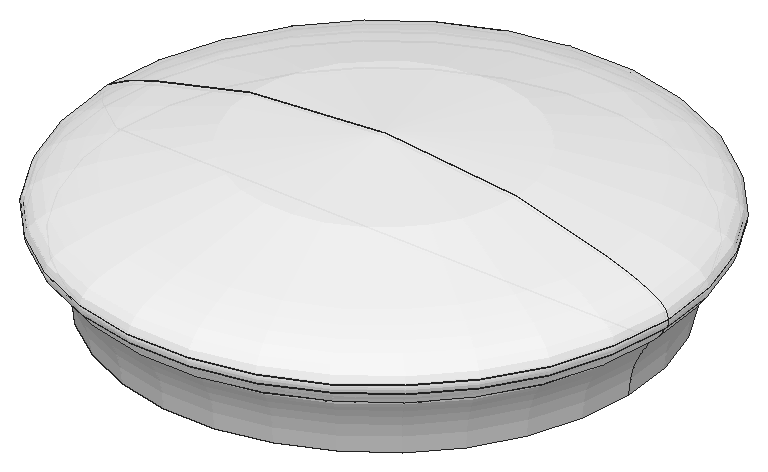
Revit family "0043410", category Lighting Devices, host Face, Revit 2023 (continued)
Definition of nested family "0043410_4000K_26W_lightsource"
  Parameters (values of type "START SURFACE IP54 MW 2500-4000 830/840 lightsource")
    built-in parameter 1150142 = "IESNA:LM-63-2002\r\n[TEST] 20231016003M-01\r\n[TESTLAB] \r\n[TESTDATE] 16 Oct 2023\r\n[ISSUEDATE] 16 Oct 2023\r\n[MANUFAC] SYLVANIA\r\n[LUMCAT] 0043409\r\n[LUMINAIRE] START Surface IP44 Multip 4000lm 830 840-3000K 4µµ\r\n[FLASHAREA] 0.030401\r\n[LAMPCAT] LED\r\n[LAMP] LED\r\nTILT=NONE\r\n1 2350.00 1.0 181 4 1 2 -0.400 -0.400 0.000\r\n1.00 1.00 21.00\r\n0.00 1.00 2.00 3.00 4.00 5.00 6.00 7.00 8.00 9.00 10.00 \r\n11.00 12.00 13.00 14.00 15.00 16.00 17.00 18.00 19.00 \r\n20.00 21.00 22.00 23.00 24.00 25.00 26.00 27.00 28.00 \r\n29.00 30.00 31.00 32.00 33.00 34.00 35.00 36.00 37.00 \r\n38.00 39.00 40.00 41.00 42.00 43.00 44.00 45.00 46.00 \r\n47.00 48.00 49.00 50.00 51.00 52.00 53.00 54.00 55.00 \r\n56.00 57.00 58.00 59.00 60.00 61.00 62.00 63.00 64.00 \r\n65.00 66.00 67.00 68.00 69.00 70.00 71.00 72.00 73.00 \r\n74.00 75.00 76.00 77.00 78.00 79.00 80.00 81.00 82.00 \r\n83.00 84.00 85.00 86.00 87.00 88.00 89.00 90.00 91.00 \r\n92.00 93.00 94.00 95.00 96.00 97.00 98.00 99.00 100.00 \r\n101.00 102.00 103.00 104.00 105.00 106.00 107.00 108.00 \r\n109.00 110.00 111.00 112.00 113.00 114.00 115.00 116.00 \r\n117.00 118.00 119.00 120.00 121.00 122.00 123.00 124.00 \r\n125.00 126.00 127.00 128.00 129.00 130.00 131.00 132.00 \r\n133.00 134.00 135.00 136.00 137.00 138.00 139.00 140.00 \r\n141.00 142.00 143.00 144.00 145.00 146.00 147.00 148.00 \r\n149.00 150.00 151.00 152.00 153.00 154.00 155.00 156.00 \r\n157.00 158.00 159.00 160.00 161.00 162.00 163.00 164.00 \r\n165.00 166.00 167.00 168.00 169.00 170.00 171.00 172.00 \r\n173.00 174.00 175.00 176.00 177.00 178.00 179.00 180.00 \r\n0.00 30.00 60.00 90.00 \r\n562.12 561.65 561.65 561.65 560.00 559.53 560.48 559.53 \r\n559.07 557.89 557.19 555.77 554.13 553.43 551.54 549.67 \r\n547.78 546.38 544.97 543.56 540.74 537.92 535.10 532.27 \r\n529.22 524.99 522.88 518.41 515.59 512.07 507.83 503.84 \r\n499.14 495.14 490.44 485.28 480.81 475.88 469.77 464.83 \r\n458.49 453.32 447.21 440.63 434.75 428.41 422.53 415.01 \r\n408.43 400.91 394.57 386.57 379.76 372.48 364.96 356.97 \r\n349.21 340.75 333.23 325.24 316.54 308.32 300.33 292.11 \r\n283.41 274.72 266.25 257.56 249.10 240.64 231.76 223.67 \r\n215.26 207.20 198.81 190.40 182.71 175.33 167.65 160.32 \r\n153.03 146.24 139.68 133.27 127.21 121.10 115.69 110.19 \r\n105.09 100.20 95.90 91.74 87.91 84.51 81.29 78.47 75.79 \r\n73.32 70.97 68.83 67.00 65.35 63.71 62.35 61.17 60.02 \r\n59.03 58.26 57.43 56.73 56.00 55.39 54.85 54.14 53.65 \r\n53.02 52.41 51.77 51.16 50.55 49.98 49.37 48.69 48.01 \r\n47.28 46.60 45.83 45.10 44.27 43.52 42.75 41.92 41.15 \r\n40.28 39.39 38.66 37.86 37.01 36.19 35.30 34.43 33.49 \r\n32.52 31.61 30.71 30.08 29.38 28.65 27.92 27.24 26.56 \r\n25.92 25.31 24.77 24.28 23.76 23.69 23.78 23.71 23.11 \r\n22.43 21.77 21.23 20.69 19.95 19.35 18.62 17.58 16.61 \r\n15.60 14.53 13.30 11.91 10.14 8.71 7.61 6.92 5.62 4.37 \r\n4.36 4.36 \r\n562.12 561.88 561.88 561.65 561.42 561.18 560.71 560.24 \r\n559.30 558.36 557.42 556.25 555.31 553.43 552.25 550.61 \r\n548.49 546.85 544.73 542.38 540.50 537.45 534.63 532.04 \r\n528.75 525.69 522.41 518.88 514.88 511.36 507.37 502.90 \r\n499.14 494.44 489.98 485.28 480.34 475.64 469.77 464.36 \r\n458.72 453.08 447.44 441.57 434.99 428.88 422.06 415.48 \r\n408.43 401.85 394.80 387.52 380.23 372.71 364.96 356.97 \r\n349.21 341.46 333.70 325.71 317.02 308.79 300.56 292.11 \r\n283.88 275.66 267.67 258.97 250.51 242.05 233.26 224.94 \r\n216.48 208.28 200.06 191.95 184.43 176.77 169.25 162.01 \r\n154.96 148.07 141.40 134.87 128.33 122.32 116.40 110.66 \r\n105.59 100.74 96.23 92.17 88.38 84.84 81.66 78.77 76.14 \r\n73.65 71.46 69.37 67.61 65.78 64.23 62.86 61.62 60.44 \r\n59.46 58.49 57.65 56.92 56.24 55.65 55.06 54.57 54.14 \r\n53.72 53.32 52.90 52.50 52.10 51.75 51.35 50.90 50.45 \r\n50.06 49.61 49.23 48.81 48.36 47.92 47.52 47.05 46.51 \r\n45.99 45.38 44.81 44.20 43.50 42.84 42.14 41.43 40.68 \r\n39.95 39.20 38.49 37.69 36.94 36.21 35.53 34.94 34.31 \r\n33.56 32.74 31.94 31.00 29.80 28.53 27.47 26.56 25.62 \r\n24.70 23.81 22.78 21.79 20.75 19.81 18.92 17.95 16.90 \r\n15.54 14.10 12.60 11.33 10.98 9.58 7.88 6.53 4.85 4.45 \r\n4.43 4.41 \r\n562.12 562.12 562.12 561.88 561.65 561.42 560.95 560.48 \r\n559.77 559.07 558.13 557.19 556.01 554.60 553.19 551.78 \r\n550.37 548.96 547.78 545.20 542.62 540.03 537.45 534.63 \r\n531.81 528.51 525.46 522.17 518.41 514.65 510.89 506.89 \r\n502.67 498.20 493.74 489.04 484.33 479.17 474.00 468.83 \r\n463.19 457.55 451.67 445.56 439.45 433.34 426.76 420.18 \r\n413.37 406.55 399.27 391.98 384.93 377.41 369.89 362.13 \r\n354.14 346.39 338.40 330.41 322.19 313.49 305.27 296.81 \r\n288.58 279.88 271.43 262.73 254.27 245.58 237.12 228.54 \r\n220.24 211.78 203.65 195.75 187.98 180.36 173.03 165.79 \r\n158.81 151.90 145.00 138.34 131.65 125.21 118.89 112.92 \r\n107.49 102.32 97.69 93.27 89.30 85.66 82.27 79.15 76.35 \r\n73.77 71.39 69.21 67.33 65.52 63.90 62.44 61.08 59.88 \r\n58.84 57.93 57.06 56.28 55.58 54.94 54.33 53.79 53.32 \r\n52.85 52.43 52.01 51.58 51.18 50.78 50.38 50.01 49.63 \r\n49.26 48.88 48.53 48.10 47.73 47.38 47.02 46.65 46.25 \r\n45.80 45.33 44.79 44.18 43.55 42.93 42.30 41.59 40.87 \r\n40.07 39.29 38.49 37.72 36.90 36.10 35.30 34.52 33.75 \r\n33.09 32.38 31.63 30.81 29.66 28.41 27.00 25.57 24.32 \r\n23.28 22.49 21.86 21.07 20.13 18.99 17.65 16.30 15.01 \r\n13.71 12.47 11.61 11.08 11.03 10.08 7.64 5.73 4.77 4.37 \r\n4.37 4.37 \r\n562.12 562.12 562.12 562.12 561.65 561.65 561.18 560.71 \r\n560.00 559.30 558.36 557.42 556.25 554.84 553.66 552.01 \r\n550.37 548.73 546.61 544.50 542.14 539.79 536.98 534.39 \r\n531.57 528.28 524.99 521.70 518.18 514.42 510.66 506.66 \r\n502.67 498.20 493.74 489.04 484.10 479.17 474.00 468.83 \r\n463.19 457.55 451.91 446.03 439.69 433.57 427.00 420.42 \r\n413.60 406.79 399.97 392.69 385.40 377.88 370.36 362.61 \r\n354.85 347.09 339.11 330.88 322.66 314.19 305.97 297.51 \r\n289.52 281.30 273.07 264.61 255.92 247.46 238.76 230.28 \r\n221.89 213.57 205.23 197.17 189.20 181.68 174.32 167.13 \r\n160.20 153.41 146.43 139.73 133.06 126.64 120.18 113.98 \r\n108.26 102.98 98.09 93.51 89.46 85.73 82.16 79.03 76.07 \r\n73.34 70.92 68.69 66.69 64.81 63.07 61.57 60.25 59.03 \r\n57.90 56.92 56.02 55.18 54.33 53.65 52.99 52.36 51.70 \r\n51.04 50.45 49.84 49.26 48.65 47.99 47.33 46.67 46.04 \r\n45.38 44.65 43.90 43.17 42.46 41.78 41.08 40.42 39.76 \r\n39.08 38.47 37.88 37.27 36.71 36.14 35.58 34.99 34.38 \r\n33.65 32.74 31.84 30.95 30.01 29.14 28.41 27.71 26.98 \r\n26.27 25.54 24.75 24.06 23.36 22.63 21.90 21.19 20.35 \r\n19.64 18.87 18.07 17.34 16.49 15.72 15.13 14.70 13.98 \r\n12.98 11.83 10.52 9.78 9.95 9.41 7.93 6.38 5.14 4.43 4.39 \r\n4.38 \r\n"
    Model = "START SURFACE IP54 MW 2500-4000 830/840 lightsource"
    Manufacturer = "Feilo Sylvania"
    built-in parameter 1150105 = 87.237 (stored number, unit not read)
    Lumens = 1096.26 lm
    built-in parameter 1150115 = 1 (stored number, unit not read)
    built-in parameter 1150137 = (empty or 0)
    built-in parameter 1150139 = (empty or 0)
    built-in parameter 1150112 = 1 (stored number, unit not read)
    built-in parameter 1150114 = 1 (stored number, unit not read)
    Lamp = "LED"
    Keynote = "16500"
    built-in parameter 1150132 = (empty or 0)
    built-in parameter 1150102 = 118
    built-in parameter 1150107 = 3200 (stored number, unit not read)
    built-in parameter 1150138 = (empty or 0)
    built-in parameter 1150106 = 0.87237 (stored number, unit not read)
    Emit from Circle Diameter = 400 mm  # constant formula
    Emit Shape Visible in Rendering = no
    built-in parameter 1150104 = 10.963 (stored number, unit not read)
    Dimming Lamp Color Temperature Shift = (empty or 0)
    Description = ""
    Default Elevation = 1219.2 mm
    Cost = 0
    Color Filter = 16777215
    built-in parameter 1114216 [instance] = (empty or 0)
    built-in parameter 1114218 = 1 (stored number, unit not read)
    built-in parameter 1150133 = 10 (stored number, unit not read)
    Assembly Code = "D5020200"
    Apparent Load = 0 VA
  Reference planes
    plane 1 "Center (Front/Back)": y = 0
    plane 2: z = 0
    plane 3 "Center (Left/Right)": x = 0
  Forms (mm)
    Extrusion 1, solid
      sketch origin (4.2, 0, 0) x (1, 0, 0) y (0, 1, 0)
        loop
          line (-1219.2, 1219.2) -> (-1219.2, -1219.2) -> (1219.2, -1219.2) -> (1219.2, 1219.2) -> (-1219.2, 1219.2)
      from 0 to -68.017
  Dimensions and locks
    aligned and locked: plane 2 to Extrusion 1
    aligned and locked: level to Extrusion 1
Definition of nested family "0043410_4000K_30W_lightsource"
  Parameters (values of type "START SURFACE IP54 MW 2500-4000 830/840 lightsource")
    Wattage Comments = "n/a"
    Wattage = 9.2903 W
    built-in parameter 1150110 = 1 (stored number, unit not read)
    URL = "http://www.sylvania-lighting.com"
    Type Image = (empty or 0)
    Type Comments = "n/a"
    built-in parameter 1114217 = 1 (stored number, unit not read)
    Tilt Angle = -90.00°
    built-in parameter 1150109 = 1 (stored number, unit not read)
    built-in parameter 1150134 = 3
    built-in parameter 1150113 = 1 (stored number, unit not read)
    Photometric Web File = "0043409_3000K_21W.IES"
    built-in parameter 1150142 = "IESNA:LM-63-2002\r\n[TEST] 20231016003M-01\r\n[TESTLAB] \r\n[TESTDATE] 16 Oct 2023\r\n[ISSUEDATE] 16 Oct 2023\r\n[MANUFAC] SYLVANIA\r\n[LUMCAT] 0043409\r\n[LUMINAIRE] START Surface IP44 Multip 4000lm 830 840-3000K 4µµ\r\n[FLASHAREA] 0.030401\r\n[LAMPCAT] LED\r\n[LAMP] LED\r\nTILT=NONE\r\n1 2350.00 1.0 181 4 1 2 -0.400 -0.400 0.000\r\n1.00 1.00 21.00\r\n0.00 1.00 2.00 3.00 4.00 5.00 6.00 7.00 8.00 9.00 10.00 \r\n11.00 12.00 13.00 14.00 15.00 16.00 17.00 18.00 19.00 \r\n20.00 21.00 22.00 23.00 24.00 25.00 26.00 27.00 28.00 \r\n29.00 30.00 31.00 32.00 33.00 34.00 35.00 36.00 37.00 \r\n38.00 39.00 40.00 41.00 42.00 43.00 44.00 45.00 46.00 \r\n47.00 48.00 49.00 50.00 51.00 52.00 53.00 54.00 55.00 \r\n56.00 57.00 58.00 59.00 60.00 61.00 62.00 63.00 64.00 \r\n65.00 66.00 67.00 68.00 69.00 70.00 71.00 72.00 73.00 \r\n74.00 75.00 76.00 77.00 78.00 79.00 80.00 81.00 82.00 \r\n83.00 84.00 85.00 86.00 87.00 88.00 89.00 90.00 91.00 \r\n92.00 93.00 94.00 95.00 96.00 97.00 98.00 99.00 100.00 \r\n101.00 102.00 103.00 104.00 105.00 106.00 107.00 108.00 \r\n109.00 110.00 111.00 112.00 113.00 114.00 115.00 116.00 \r\n117.00 118.00 119.00 120.00 121.00 122.00 123.00 124.00 \r\n125.00 126.00 127.00 128.00 129.00 130.00 131.00 132.00 \r\n133.00 134.00 135.00 136.00 137.00 138.00 139.00 140.00 \r\n141.00 142.00 143.00 144.00 145.00 146.00 147.00 148.00 \r\n149.00 150.00 151.00 152.00 153.00 154.00 155.00 156.00 \r\n157.00 158.00 159.00 160.00 161.00 162.00 163.00 164.00 \r\n165.00 166.00 167.00 168.00 169.00 170.00 171.00 172.00 \r\n173.00 174.00 175.00 176.00 177.00 178.00 179.00 180.00 \r\n0.00 30.00 60.00 90.00 \r\n562.12 561.65 561.65 561.65 560.00 559.53 560.48 559.53 \r\n559.07 557.89 557.19 555.77 554.13 553.43 551.54 549.67 \r\n547.78 546.38 544.97 543.56 540.74 537.92 535.10 532.27 \r\n529.22 524.99 522.88 518.41 515.59 512.07 507.83 503.84 \r\n499.14 495.14 490.44 485.28 480.81 475.88 469.77 464.83 \r\n458.49 453.32 447.21 440.63 434.75 428.41 422.53 415.01 \r\n408.43 400.91 394.57 386.57 379.76 372.48 364.96 356.97 \r\n349.21 340.75 333.23 325.24 316.54 308.32 300.33 292.11 \r\n283.41 274.72 266.25 257.56 249.10 240.64 231.76 223.67 \r\n215.26 207.20 198.81 190.40 182.71 175.33 167.65 160.32 \r\n153.03 146.24 139.68 133.27 127.21 121.10 115.69 110.19 \r\n105.09 100.20 95.90 91.74 87.91 84.51 81.29 78.47 75.79 \r\n73.32 70.97 68.83 67.00 65.35 63.71 62.35 61.17 60.02 \r\n59.03 58.26 57.43 56.73 56.00 55.39 54.85 54.14 53.65 \r\n53.02 52.41 51.77 51.16 50.55 49.98 49.37 48.69 48.01 \r\n47.28 46.60 45.83 45.10 44.27 43.52 42.75 41.92 41.15 \r\n40.28 39.39 38.66 37.86 37.01 36.19 35.30 34.43 33.49 \r\n32.52 31.61 30.71 30.08 29.38 28.65 27.92 27.24 26.56 \r\n25.92 25.31 24.77 24.28 23.76 23.69 23.78 23.71 23.11 \r\n22.43 21.77 21.23 20.69 19.95 19.35 18.62 17.58 16.61 \r\n15.60 14.53 13.30 11.91 10.14 8.71 7.61 6.92 5.62 4.37 \r\n4.36 4.36 \r\n562.12 561.88 561.88 561.65 561.42 561.18 560.71 560.24 \r\n559.30 558.36 557.42 556.25 555.31 553.43 552.25 550.61 \r\n548.49 546.85 544.73 542.38 540.50 537.45 534.63 532.04 \r\n528.75 525.69 522.41 518.88 514.88 511.36 507.37 502.90 \r\n499.14 494.44 489.98 485.28 480.34 475.64 469.77 464.36 \r\n458.72 453.08 447.44 441.57 434.99 428.88 422.06 415.48 \r\n408.43 401.85 394.80 387.52 380.23 372.71 364.96 356.97 \r\n349.21 341.46 333.70 325.71 317.02 308.79 300.56 292.11 \r\n283.88 275.66 267.67 258.97 250.51 242.05 233.26 224.94 \r\n216.48 208.28 200.06 191.95 184.43 176.77 169.25 162.01 \r\n154.96 148.07 141.40 134.87 128.33 122.32 116.40 110.66 \r\n105.59 100.74 96.23 92.17 88.38 84.84 81.66 78.77 76.14 \r\n73.65 71.46 69.37 67.61 65.78 64.23 62.86 61.62 60.44 \r\n59.46 58.49 57.65 56.92 56.24 55.65 55.06 54.57 54.14 \r\n53.72 53.32 52.90 52.50 52.10 51.75 51.35 50.90 50.45 \r\n50.06 49.61 49.23 48.81 48.36 47.92 47.52 47.05 46.51 \r\n45.99 45.38 44.81 44.20 43.50 42.84 42.14 41.43 40.68 \r\n39.95 39.20 38.49 37.69 36.94 36.21 35.53 34.94 34.31 \r\n33.56 32.74 31.94 31.00 29.80 28.53 27.47 26.56 25.62 \r\n24.70 23.81 22.78 21.79 20.75 19.81 18.92 17.95 16.90 \r\n15.54 14.10 12.60 11.33 10.98 9.58 7.88 6.53 4.85 4.45 \r\n4.43 4.41 \r\n562.12 562.12 562.12 561.88 561.65 561.42 560.95 560.48 \r\n559.77 559.07 558.13 557.19 556.01 554.60 553.19 551.78 \r\n550.37 548.96 547.78 545.20 542.62 540.03 537.45 534.63 \r\n531.81 528.51 525.46 522.17 518.41 514.65 510.89 506.89 \r\n502.67 498.20 493.74 489.04 484.33 479.17 474.00 468.83 \r\n463.19 457.55 451.67 445.56 439.45 433.34 426.76 420.18 \r\n413.37 406.55 399.27 391.98 384.93 377.41 369.89 362.13 \r\n354.14 346.39 338.40 330.41 322.19 313.49 305.27 296.81 \r\n288.58 279.88 271.43 262.73 254.27 245.58 237.12 228.54 \r\n220.24 211.78 203.65 195.75 187.98 180.36 173.03 165.79 \r\n158.81 151.90 145.00 138.34 131.65 125.21 118.89 112.92 \r\n107.49 102.32 97.69 93.27 89.30 85.66 82.27 79.15 76.35 \r\n73.77 71.39 69.21 67.33 65.52 63.90 62.44 61.08 59.88 \r\n58.84 57.93 57.06 56.28 55.58 54.94 54.33 53.79 53.32 \r\n52.85 52.43 52.01 51.58 51.18 50.78 50.38 50.01 49.63 \r\n49.26 48.88 48.53 48.10 47.73 47.38 47.02 46.65 46.25 \r\n45.80 45.33 44.79 44.18 43.55 42.93 42.30 41.59 40.87 \r\n40.07 39.29 38.49 37.72 36.90 36.10 35.30 34.52 33.75 \r\n33.09 32.38 31.63 30.81 29.66 28.41 27.00 25.57 24.32 \r\n23.28 22.49 21.86 21.07 20.13 18.99 17.65 16.30 15.01 \r\n13.71 12.47 11.61 11.08 11.03 10.08 7.64 5.73 4.77 4.37 \r\n4.37 4.37 \r\n562.12 562.12 562.12 562.12 561.65 561.65 561.18 560.71 \r\n560.00 559.30 558.36 557.42 556.25 554.84 553.66 552.01 \r\n550.37 548.73 546.61 544.50 542.14 539.79 536.98 534.39 \r\n531.57 528.28 524.99 521.70 518.18 514.42 510.66 506.66 \r\n502.67 498.20 493.74 489.04 484.10 479.17 474.00 468.83 \r\n463.19 457.55 451.91 446.03 439.69 433.57 427.00 420.42 \r\n413.60 406.79 399.97 392.69 385.40 377.88 370.36 362.61 \r\n354.85 347.09 339.11 330.88 322.66 314.19 305.97 297.51 \r\n289.52 281.30 273.07 264.61 255.92 247.46 238.76 230.28 \r\n221.89 213.57 205.23 197.17 189.20 181.68 174.32 167.13 \r\n160.20 153.41 146.43 139.73 133.06 126.64 120.18 113.98 \r\n108.26 102.98 98.09 93.51 89.46 85.73 82.16 79.03 76.07 \r\n73.34 70.92 68.69 66.69 64.81 63.07 61.57 60.25 59.03 \r\n57.90 56.92 56.02 55.18 54.33 53.65 52.99 52.36 51.70 \r\n51.04 50.45 49.84 49.26 48.65 47.99 47.33 46.67 46.04 \r\n45.38 44.65 43.90 43.17 42.46 41.78 41.08 40.42 39.76 \r\n39.08 38.47 37.88 37.27 36.71 36.14 35.58 34.99 34.38 \r\n33.65 32.74 31.84 30.95 30.01 29.14 28.41 27.71 26.98 \r\n26.27 25.54 24.75 24.06 23.36 22.63 21.90 21.19 20.35 \r\n19.64 18.87 18.07 17.34 16.49 15.72 15.13 14.70 13.98 \r\n12.98 11.83 10.52 9.78 9.95 9.41 7.93 6.38 5.14 4.43 4.39 \r\n4.38 \r\n"
    Model = "START SURFACE IP54 MW 2500-4000 830/840 lightsource"
    Manufacturer = "Feilo Sylvania"
    built-in parameter 1150105 = 87.237 (stored number, unit not read)
    Lumens = 1096.26 lm
    built-in parameter 1150115 = 1 (stored number, unit not read)
    built-in parameter 1150137 = (empty or 0)
    built-in parameter 1150139 = (empty or 0)
    built-in parameter 1150112 = 1 (stored number, unit not read)
    built-in parameter 1150114 = 1 (stored number, unit not read)
    Lamp = "LED"
    Keynote = "16500"
    built-in parameter 1150132 = (empty or 0)
    built-in parameter 1150102 = 118
    built-in parameter 1150107 = 3200 (stored number, unit not read)
    built-in parameter 1150138 = (empty or 0)
    built-in parameter 1150106 = 0.87237 (stored number, unit not read)
    Emit from Circle Diameter = 400 mm  # constant formula
    Emit Shape Visible in Rendering = no
    built-in parameter 1150104 = 10.963 (stored number, unit not read)
    Dimming Lamp Color Temperature Shift = (empty or 0)
    Description = ""
    Default Elevation = 1219.2 mm
    Cost = 0
    Color Filter = 16777215
    built-in parameter 1114216 [instance] = (empty or 0)
    built-in parameter 1114218 = 1 (stored number, unit not read)
    built-in parameter 1150133 = 10 (stored number, unit not read)
    Assembly Code = "D5020200"
    Apparent Load = 0 VA
  Reference planes
    plane 1 "Center (Front/Back)": y = 0
    plane 2: z = 0
    plane 3 "Center (Left/Right)": x = 0
  Forms (mm)
    Extrusion 1, solid
      sketch origin (4.2, 0, 0) x (1, 0, 0) y (0, 1, 0)
        loop
          line (-1219.2, 1219.2) -> (-1219.2, -1219.2) -> (1219.2, -1219.2) -> (1219.2, 1219.2) -> (-1219.2, 1219.2)
      from 0 to -68.017
  Dimensions and locks
    aligned and locked: plane 2 to Extrusion 1
    aligned and locked: level to Extrusion 1
Definition of nested family "0043410_4000K_34W_lightsource"
  Parameters (values of type "START SURFACE IP54 MW 2500-4000 830/840 lightsource")
    Wattage Comments = "n/a"
    Wattage = 9.2903 W
    built-in parameter 1150110 = 1 (stored number, unit not read)
    URL = "http://www.sylvania-lighting.com"
    Type Image = (empty or 0)
    Type Comments = "n/a"
    built-in parameter 1114217 = 1 (stored number, unit not read)
    Tilt Angle = -90.00°
    built-in parameter 1150109 = 1 (stored number, unit not read)
    built-in parameter 1150134 = 3
    built-in parameter 1150113 = 1 (stored number, unit not read)
    Photometric Web File = "0043409_3000K_21W.IES"
    built-in parameter 1150142 = "IESNA:LM-63-2002\r\n[TEST] 20231016003M-01\r\n[TESTLAB] \r\n[TESTDATE] 16 Oct 2023\r\n[ISSUEDATE] 16 Oct 2023\r\n[MANUFAC] SYLVANIA\r\n[LUMCAT] 0043409\r\n[LUMINAIRE] START Surface IP44 Multip 4000lm 830 840-3000K 4µµ\r\n[FLASHAREA] 0.030401\r\n[LAMPCAT] LED\r\n[LAMP] LED\r\nTILT=NONE\r\n1 2350.00 1.0 181 4 1 2 -0.400 -0.400 0.000\r\n1.00 1.00 21.00\r\n0.00 1.00 2.00 3.00 4.00 5.00 6.00 7.00 8.00 9.00 10.00 \r\n11.00 12.00 13.00 14.00 15.00 16.00 17.00 18.00 19.00 \r\n20.00 21.00 22.00 23.00 24.00 25.00 26.00 27.00 28.00 \r\n29.00 30.00 31.00 32.00 33.00 34.00 35.00 36.00 37.00 \r\n38.00 39.00 40.00 41.00 42.00 43.00 44.00 45.00 46.00 \r\n47.00 48.00 49.00 50.00 51.00 52.00 53.00 54.00 55.00 \r\n56.00 57.00 58.00 59.00 60.00 61.00 62.00 63.00 64.00 \r\n65.00 66.00 67.00 68.00 69.00 70.00 71.00 72.00 73.00 \r\n74.00 75.00 76.00 77.00 78.00 79.00 80.00 81.00 82.00 \r\n83.00 84.00 85.00 86.00 87.00 88.00 89.00 90.00 91.00 \r\n92.00 93.00 94.00 95.00 96.00 97.00 98.00 99.00 100.00 \r\n101.00 102.00 103.00 104.00 105.00 106.00 107.00 108.00 \r\n109.00 110.00 111.00 112.00 113.00 114.00 115.00 116.00 \r\n117.00 118.00 119.00 120.00 121.00 122.00 123.00 124.00 \r\n125.00 126.00 127.00 128.00 129.00 130.00 131.00 132.00 \r\n133.00 134.00 135.00 136.00 137.00 138.00 139.00 140.00 \r\n141.00 142.00 143.00 144.00 145.00 146.00 147.00 148.00 \r\n149.00 150.00 151.00 152.00 153.00 154.00 155.00 156.00 \r\n157.00 158.00 159.00 160.00 161.00 162.00 163.00 164.00 \r\n165.00 166.00 167.00 168.00 169.00 170.00 171.00 172.00 \r\n173.00 174.00 175.00 176.00 177.00 178.00 179.00 180.00 \r\n0.00 30.00 60.00 90.00 \r\n562.12 561.65 561.65 561.65 560.00 559.53 560.48 559.53 \r\n559.07 557.89 557.19 555.77 554.13 553.43 551.54 549.67 \r\n547.78 546.38 544.97 543.56 540.74 537.92 535.10 532.27 \r\n529.22 524.99 522.88 518.41 515.59 512.07 507.83 503.84 \r\n499.14 495.14 490.44 485.28 480.81 475.88 469.77 464.83 \r\n458.49 453.32 447.21 440.63 434.75 428.41 422.53 415.01 \r\n408.43 400.91 394.57 386.57 379.76 372.48 364.96 356.97 \r\n349.21 340.75 333.23 325.24 316.54 308.32 300.33 292.11 \r\n283.41 274.72 266.25 257.56 249.10 240.64 231.76 223.67 \r\n215.26 207.20 198.81 190.40 182.71 175.33 167.65 160.32 \r\n153.03 146.24 139.68 133.27 127.21 121.10 115.69 110.19 \r\n105.09 100.20 95.90 91.74 87.91 84.51 81.29 78.47 75.79 \r\n73.32 70.97 68.83 67.00 65.35 63.71 62.35 61.17 60.02 \r\n59.03 58.26 57.43 56.73 56.00 55.39 54.85 54.14 53.65 \r\n53.02 52.41 51.77 51.16 50.55 49.98 49.37 48.69 48.01 \r\n47.28 46.60 45.83 45.10 44.27 43.52 42.75 41.92 41.15 \r\n40.28 39.39 38.66 37.86 37.01 36.19 35.30 34.43 33.49 \r\n32.52 31.61 30.71 30.08 29.38 28.65 27.92 27.24 26.56 \r\n25.92 25.31 24.77 24.28 23.76 23.69 23.78 23.71 23.11 \r\n22.43 21.77 21.23 20.69 19.95 19.35 18.62 17.58 16.61 \r\n15.60 14.53 13.30 11.91 10.14 8.71 7.61 6.92 5.62 4.37 \r\n4.36 4.36 \r\n562.12 561.88 561.88 561.65 561.42 561.18 560.71 560.24 \r\n559.30 558.36 557.42 556.25 555.31 553.43 552.25 550.61 \r\n548.49 546.85 544.73 542.38 540.50 537.45 534.63 532.04 \r\n528.75 525.69 522.41 518.88 514.88 511.36 507.37 502.90 \r\n499.14 494.44 489.98 485.28 480.34 475.64 469.77 464.36 \r\n458.72 453.08 447.44 441.57 434.99 428.88 422.06 415.48 \r\n408.43 401.85 394.80 387.52 380.23 372.71 364.96 356.97 \r\n349.21 341.46 333.70 325.71 317.02 308.79 300.56 292.11 \r\n283.88 275.66 267.67 258.97 250.51 242.05 233.26 224.94 \r\n216.48 208.28 200.06 191.95 184.43 176.77 169.25 162.01 \r\n154.96 148.07 141.40 134.87 128.33 122.32 116.40 110.66 \r\n105.59 100.74 96.23 92.17 88.38 84.84 81.66 78.77 76.14 \r\n73.65 71.46 69.37 67.61 65.78 64.23 62.86 61.62 60.44 \r\n59.46 58.49 57.65 56.92 56.24 55.65 55.06 54.57 54.14 \r\n53.72 53.32 52.90 52.50 52.10 51.75 51.35 50.90 50.45 \r\n50.06 49.61 49.23 48.81 48.36 47.92 47.52 47.05 46.51 \r\n45.99 45.38 44.81 44.20 43.50 42.84 42.14 41.43 40.68 \r\n39.95 39.20 38.49 37.69 36.94 36.21 35.53 34.94 34.31 \r\n33.56 32.74 31.94 31.00 29.80 28.53 27.47 26.56 25.62 \r\n24.70 23.81 22.78 21.79 20.75 19.81 18.92 17.95 16.90 \r\n15.54 14.10 12.60 11.33 10.98 9.58 7.88 6.53 4.85 4.45 \r\n4.43 4.41 \r\n562.12 562.12 562.12 561.88 561.65 561.42 560.95 560.48 \r\n559.77 559.07 558.13 557.19 556.01 554.60 553.19 551.78 \r\n550.37 548.96 547.78 545.20 542.62 540.03 537.45 534.63 \r\n531.81 528.51 525.46 522.17 518.41 514.65 510.89 506.89 \r\n502.67 498.20 493.74 489.04 484.33 479.17 474.00 468.83 \r\n463.19 457.55 451.67 445.56 439.45 433.34 426.76 420.18 \r\n413.37 406.55 399.27 391.98 384.93 377.41 369.89 362.13 \r\n354.14 346.39 338.40 330.41 322.19 313.49 305.27 296.81 \r\n288.58 279.88 271.43 262.73 254.27 245.58 237.12 228.54 \r\n220.24 211.78 203.65 195.75 187.98 180.36 173.03 165.79 \r\n158.81 151.90 145.00 138.34 131.65 125.21 118.89 112.92 \r\n107.49 102.32 97.69 93.27 89.30 85.66 82.27 79.15 76.35 \r\n73.77 71.39 69.21 67.33 65.52 63.90 62.44 61.08 59.88 \r\n58.84 57.93 57.06 56.28 55.58 54.94 54.33 53.79 53.32 \r\n52.85 52.43 52.01 51.58 51.18 50.78 50.38 50.01 49.63 \r\n49.26 48.88 48.53 48.10 47.73 47.38 47.02 46.65 46.25 \r\n45.80 45.33 44.79 44.18 43.55 42.93 42.30 41.59 40.87 \r\n40.07 39.29 38.49 37.72 36.90 36.10 35.30 34.52 33.75 \r\n33.09 32.38 31.63 30.81 29.66 28.41 27.00 25.57 24.32 \r\n23.28 22.49 21.86 21.07 20.13 18.99 17.65 16.30 15.01 \r\n13.71 12.47 11.61 11.08 11.03 10.08 7.64 5.73 4.77 4.37 \r\n4.37 4.37 \r\n562.12 562.12 562.12 562.12 561.65 561.65 561.18 560.71 \r\n560.00 559.30 558.36 557.42 556.25 554.84 553.66 552.01 \r\n550.37 548.73 546.61 544.50 542.14 539.79 536.98 534.39 \r\n531.57 528.28 524.99 521.70 518.18 514.42 510.66 506.66 \r\n502.67 498.20 493.74 489.04 484.10 479.17 474.00 468.83 \r\n463.19 457.55 451.91 446.03 439.69 433.57 427.00 420.42 \r\n413.60 406.79 399.97 392.69 385.40 377.88 370.36 362.61 \r\n354.85 347.09 339.11 330.88 322.66 314.19 305.97 297.51 \r\n289.52 281.30 273.07 264.61 255.92 247.46 238.76 230.28 \r\n221.89 213.57 205.23 197.17 189.20 181.68 174.32 167.13 \r\n160.20 153.41 146.43 139.73 133.06 126.64 120.18 113.98 \r\n108.26 102.98 98.09 93.51 89.46 85.73 82.16 79.03 76.07 \r\n73.34 70.92 68.69 66.69 64.81 63.07 61.57 60.25 59.03 \r\n57.90 56.92 56.02 55.18 54.33 53.65 52.99 52.36 51.70 \r\n51.04 50.45 49.84 49.26 48.65 47.99 47.33 46.67 46.04 \r\n45.38 44.65 43.90 43.17 42.46 41.78 41.08 40.42 39.76 \r\n39.08 38.47 37.88 37.27 36.71 36.14 35.58 34.99 34.38 \r\n33.65 32.74 31.84 30.95 30.01 29.14 28.41 27.71 26.98 \r\n26.27 25.54 24.75 24.06 23.36 22.63 21.90 21.19 20.35 \r\n19.64 18.87 18.07 17.34 16.49 15.72 15.13 14.70 13.98 \r\n12.98 11.83 10.52 9.78 9.95 9.41 7.93 6.38 5.14 4.43 4.39 \r\n4.38 \r\n"
    Model = "START SURFACE IP54 MW 2500-4000 830/840 lightsource"
    Manufacturer = "Feilo Sylvania"
    built-in parameter 1150105 = 87.237 (stored number, unit not read)
    Lumens = 1096.26 lm
    built-in parameter 1150115 = 1 (stored number, unit not read)
    built-in parameter 1150137 = (empty or 0)
    built-in parameter 1150139 = (empty or 0)
    built-in parameter 1150112 = 1 (stored number, unit not read)
    built-in parameter 1150114 = 1 (stored number, unit not read)
    Lamp = "LED"
    Keynote = "16500"
    built-in parameter 1150132 = (empty or 0)
    built-in parameter 1150102 = 118
    built-in parameter 1150107 = 3200 (stored number, unit not read)
    built-in parameter 1150138 = (empty or 0)
    built-in parameter 1150106 = 0.87237 (stored number, unit not read)
    Emit from Circle Diameter = 400 mm  # constant formula
    Emit Shape Visible in Rendering = no
    built-in parameter 1150104 = 10.963 (stored number, unit not read)
    Dimming Lamp Color Temperature Shift = (empty or 0)
    Description = ""
    Default Elevation = 1219.2 mm
    Cost = 0
    Color Filter = 16777215
    built-in parameter 1114216 [instance] = (empty or 0)
    built-in parameter 1114218 = 1 (stored number, unit not read)
    built-in parameter 1150133 = 10 (stored number, unit not read)
    Assembly Code = "D5020200"
    Apparent Load = 0 VA
  Reference planes
    plane 1 "Center (Front/Back)": y = 0
    plane 2: z = 0
    plane 3 "Center (Left/Right)": x = 0
  Forms (mm)
    Extrusion 1, solid
      sketch origin (4.2, 0, 0) x (1, 0, 0) y (0, 1, 0)
        loop
          line (-1219.2, 1219.2) -> (-1219.2, -1219.2) -> (1219.2, -1219.2) -> (1219.2, 1219.2) -> (-1219.2, 1219.2)
      from 0 to -68.017
